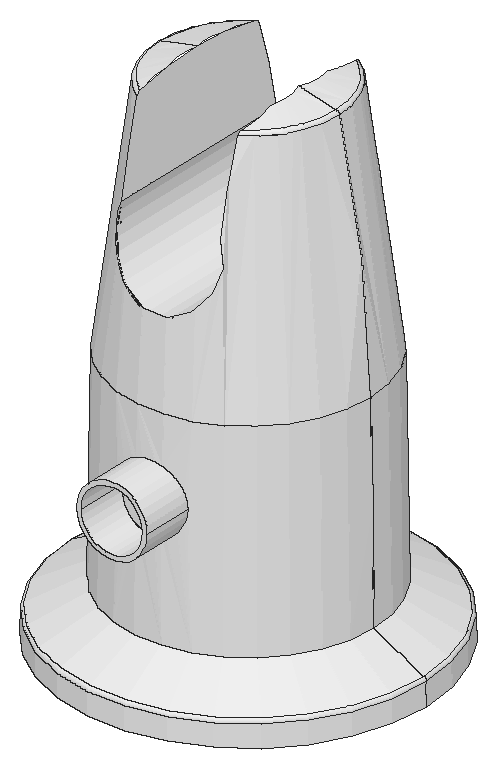
Revit family "Shower_Outlet_Elbow-GROHE-Movario-28484_Series", category Plumbing Fixtures, host Face, Revit 2019
Family settings
  Host = Face
  Round Connector Dimension = Use Diameter
  Part Type = Normal
  OmniClass Number = 23.45.05.14.17
  OmniClass Title = Showers
  Cut with Voids When Loaded = No
  Shared = Yes
  Room Calculation Point = No
Parameters (values of type "28484000")
  Width = 2 9/16"  # constant formula
  Waste Connection = no
  Warranty Documentation Link = "https://cdn.cloud.grohe.com/tpi/1000/1900/1940/1949/1949006/original/1949006.pdf"
  WFU = 4  # constant formula
  Vent Connection = no
  URL = "https://www.grohe.us/"
  Type Comments = ""
  Tempered Water Connection = yes
  Tempered Connection Radius = Tempered Connection Diameter / 2  # 1/4"
  Tempered Connection Diameter = 1/2"
  Revised Date = "04/26/2022"  # constant formula
  Product Page URL = "https://www.grohe.us/Hand-Showers-Accessories/Wall-Union-With-Hand-Shower-Holder/GROHE-CHROME-28484000"
  Product Documentation Link = "https://americanstandard.box.com/shared/static/fzsfil4wmzopt5g2ojqpfr0v57rcu4ho.pdf"
  Price = "Prices may vary. Please consult Manufacturer Representative for most up-to-date price list."  # constant formula
  Model = "28484000"
  Material = "Metal-Grohe-000-Chrome"
  Manufacturer = "Grohe"
  Length = 3 11/16"  # constant formula
  Installation Type = "Wall Mounted"
  Height = 2 9/16"  # constant formula
  HWFU = 3  # constant formula
  HW Connection = no
  Finish = Metal-Grohe-000-Chrome
  Description = "MOVARIO® WALL UNION WITH HAND SHOWER HOLDER"  # constant formula
  Default Elevation = 0"  # constant formula
  Creation Date = "03/09/2017"  # constant formula
  CWFU = 3  # constant formula
  CW Connection = no
  Assembly Code = "D2010710"
Types (3): name | Product Page URL | Model | Material | Finish | Assembly Code
  (no name) | "https://www.grohe.us/Hand-Showers-Accessories/Wall-Union-With-Hand-Shower-Holder/GROHE-CHROME-28484000" | "28484000" | "Metal-Grohe-000-Chrome" | Metal-Grohe-000-Chrome | "D2010710"
  28484EN0 | "https://www.grohe.us/Hand-Showers-Accessories/Wall-Union-With-Hand-Shower-Holder/GROHE-BRUSHED-NICKEL-28484EN0" | "28484EN0" | "Metal-Grohe-EN0-Brushed Nickel" | Metal-Grohe-EN0-Brushed Nickel | "D2090800"
  28484000 | "https://www.grohe.us/Hand-Showers-Accessories/Wall-Union-With-Hand-Shower-Holder/GROHE-CHROME-28484000" | "28484000" | "Metal-Grohe-000-Chrome" | Metal-Grohe-000-Chrome | "D2010710"
Reference planes (in)
  plane 1 "Center (Front/Back)": y = 0
  plane 2: z = 0
  plane 3 "Center (Left/Right)": x = 0
  plane 4: z = 0.78328
  plane 5: z = 3.6875
  plane 6: y = 1.28125
  plane 7: y = -1.28125
  plane 8: z = 1.27609
  plane 9: z = 1.52609
  plane 10: z = 1.02609
  plane 11: z = 2.8125
Forms (in)
  Revolve 1, solid, material "Metal-Grohe-000-Chrome" <- "Finish"
    sketch origin (0, 0, 0) x (1, 0, 0) y (0, 0, 1)
      loop
        line (1.27609, 0) -> (1.27344, 0.15649)
        arc (1.27344, 0.15649) -> (1.26839, 0.17374) -> (1.25523, 0.18599) r 0.03394
        line (1.25523, 0.18599) -> (0.9006, 0.37136)
        arc (0.9006, 0.37136) -> (0.89355, 1.10653) -> (0.87822, 1.84157) r 65.38697
        arc (0.87822, 1.84157) -> (0.80975, 2.71266) -> (0.65126, 3.57194) r 8.40939
        arc (0.65126, 3.57194) -> (0.64299, 3.58723) -> (0.62817, 3.59632) r 0.03356
        arc (0.62817, 3.59632) -> (0.31738, 3.66464) -> (0, 3.68757) r 2.2079
        line (0, 3.68757) -> (0, 0) -> (1.27609, 0)
      axis (0, 0) -> (0, 3.68757)
    angle from 0 to 360
  Extrusion 2, solid, material "Metal-Grohe-000-Chrome" <- "Finish"
    sketch origin (0, 0, 0) x (1, 0, 0) y (0, 0, 1)
      loop
        circle (0, 1.27609) r 0.25
      loop
        circle (0, 1.27609) r 0.21875
    from 0 to 1.21719
  Extrusion 3, void
    sketch origin (0, 0, 0) x (1, 0, 0) y (0, 0, 1)
      loop
        arc (0.35338, 2.96948) -> (0.35669, 3.3899) -> (0.37137, 3.81009) r 15.56059
        line (0.37137, 3.81009) -> (-0.37137, 3.81009)
        arc (-0.37137, 3.81009) -> (-0.35669, 3.3899) -> (-0.35338, 2.96948) r 15.56059
        arc (-0.35338, 2.96948) -> (0, 2.43279) -> (0.35338, 2.96948) r 0.38468
    from -1.30086 to 1.28125
Cuts and joins
  Extrusion 3 cuts Revolve 1
  joined: Revolve 1, Extrusion 2
Lines and regions (in)
  Masking region 1
    outline origin (0, 0, 0) x (1, 0, 0) y (0, 0, 1)
      loop
        line (1.27609, 0) -> (1.27338, 0.15538)
        arc (1.27338, 0.15538) -> (1.26878, 0.17253) -> (1.25668, 0.18551) r 0.03669
        line (1.25668, 0.18551) -> (0.9006, 0.37136)
        arc (0.9006, 0.37136) -> (0.8954, 1.17425) -> (0.87258, 1.97684) r 36.60202
        arc (0.87258, 1.97684) -> (0.80194, 2.77552) -> (0.65376, 3.56352) r 8.21363
        arc (0.65376, 3.56352) -> (0.64359, 3.58806) -> (0.61905, 3.59823) r 0.03471
        arc (0.61905, 3.59823) -> (0.49332, 3.63394) -> (0.36471, 3.65723) r 1.3401
        arc (0.36471, 3.65723) -> (0.35524, 3.31342) -> (0.35338, 2.96948) r 15.56059
        arc (0.35338, 2.96948) -> (0, 2.43279) -> (-0.35338, 2.96948) r 0.38468
        arc (-0.35338, 2.96948) -> (-0.35524, 3.31342) -> (-0.36471, 3.65723) r 15.56059
        arc (-0.36471, 3.65723) -> (-0.49332, 3.63394) -> (-0.61905, 3.59823) r 1.3401
        arc (-0.61905, 3.59823) -> (-0.64359, 3.58806) -> (-0.65376, 3.56352) r 0.03471
        arc (-0.65376, 3.56352) -> (-0.80194, 2.77552) -> (-0.87258, 1.97684) r 8.21363
        arc (-0.87258, 1.97684) -> (-0.8954, 1.17425) -> (-0.9006, 0.37136) r 36.60202
        line (-0.9006, 0.37136) -> (-1.25668, 0.18551)
        arc (-1.25668, 0.18551) -> (-1.26878, 0.17253) -> (-1.27338, 0.15538) r 0.03669
        line (-1.27338, 0.15538) -> (-1.27609, 0) -> (1.27609, 0)
  symbolic lines, style "PlumbingFixtures", detail levels medium+fine
    curve 1: line (0.9006, 0, 0.37136) -> (-0.9006, 0, 0.37136)
  symbolic lines, detail levels medium+fine
    curve 2: arc (0.25, 0, 1.27609) -> (0, 0, 1.52609) -> (-0.25, 0, 1.27609) r 0.25
    curve 3: arc (-0.25, 0, 1.27609) -> (0, 0, 1.02609) -> (0.25, 0, 1.27609) r 0.25
  symbolic lines, detail levels fine
    curve 4: arc (-0.21875, 0, 1.27609) -> (0, 0, 1.49484) -> (0.21875, 0, 1.27609) r 0.21875
    curve 5: arc (0.21875, 0, 1.27609) -> (0, 0, 1.05734) -> (-0.21875, 0, 1.27609) r 0.21875
Dimensions and locks (in)
  plane 5 to level = 3 11/16"
  equal spacing: plane 6, plane 1 "Center (Front/Back)", plane 7
  locked: plane 6 to plane 7 at 2.5625
  aligned and locked: plane 2 to host face
  aligned and locked: level to host face
  aligned and locked: Extrusion 3 to plane 7
Automatic sketch dimensions
  host sketch curve to host sketch curve = 96"  (x2)
  Revolve 1 sketch curve to plane 3 "Center (Left/Right)" = 0"  (x2)
  Revolve 1 sketch curve to plane 8 = 0.34295"
  level to Revolve 1 sketch curve = 0.11128"
  Revolve 1 sketch curve to Revolve 1 sketch curve = 56.95762"
  Revolve 1 sketch curve to plane 5 = 0.12335"
  plane 3 "Center (Left/Right)" to Revolve 1 sketch curve = 0.61863"
  level to Revolve 1 sketch curve = 0.37136"
  plane 3 "Center (Left/Right)" to Revolve 1 sketch curve = 0.9006"
  level to Revolve 1 sketch curve = 0.15592"
  Revolve 1 sketch curve to Revolve 1 sketch curve = 0.33891"
  level to Revolve 1 sketch curve = 0.18599"
  Revolve 1 sketch curve to Revolve 1 sketch curve = 0.01572"
  level to Revolve 1 sketch curve = 0.15649"
  Revolve 1 sketch curve to Revolve 1 sketch curve = 0.00264"
  Revolve 1 sketch curve to plane 8 = 0.20358"
  Revolve 1 sketch curve to Revolve 1 sketch curve = 0"  (x2)
  Revolve 1 sketch curve to Revolve 1 sketch curve = 0.42568"
  plane 5 to Revolve 1 sketch curve = 0.25474"
  Revolve 1 sketch curve to Revolve 1 sketch curve = 0.00955"
  Revolve 1 sketch curve to level = 0"
  Revolve 1 sketch curve to plane 3 "Center (Left/Right)" = 7.52822"
  Extrusion 3 sketch curve to plane 3 "Center (Left/Right)" = 0"
  plane 5 to Extrusion 3 sketch curve = 0.12259"
  Extrusion 3 sketch curve to plane 5 = 0.63051"  (x2)
  Extrusion 3 sketch curve to plane 3 "Center (Left/Right)" = 15.91372"
  plane 3 "Center (Left/Right)" to Extrusion 3 sketch curve = 15.91372"
  Extrusion 3 sketch curve to plane 5 = 0.87003"
  Extrusion 3 sketch curve to plane 3 "Center (Left/Right)" = 0.35338"
  Extrusion 3 sketch curve to plane 3 "Center (Left/Right)" = 0.37137"
  plane 3 "Center (Left/Right)" to Extrusion 3 sketch curve = 0.35338"
  Masking region 1 sketch curve to level = 0"
  Masking region 1 sketch curve to plane 3 "Center (Left/Right)" = 0"
  Masking region 1 sketch curve to plane 3 "Center (Left/Right)" = 0.19046"
  Masking region 1 sketch curve to plane 5 = 0.12398"  (x2)
  Masking region 1 sketch curve to plane 3 "Center (Left/Right)" = 0.61905"
  level to Masking region 1 sketch curve = 0.37136"  (x2)
  Masking region 1 sketch curve to plane 3 "Center (Left/Right)" = 0.9006"
  level to Masking region 1 sketch curve = 0.15474"  (x2)
  Masking region 1 sketch curve to Masking region 1 sketch curve = 0.33609"  (x2)
  level to Masking region 1 sketch curve = 0.18551"  (x2)
  Masking region 1 sketch curve to Masking region 1 sketch curve = 0.01998"  (x2)
  level to Masking region 1 sketch curve = 0.15538"  (x2)
  Masking region 1 sketch curve to Masking region 1 sketch curve = 0.00271"  (x2)
  Masking region 1 sketch curve to plane 8 = 0.3773"  (x2)
  Masking region 1 sketch curve to Masking region 1 sketch curve = 6.0613"  (x2)
  Masking region 1 sketch curve to plane 5 = 0.63051"  (x2)
  Masking region 1 sketch curve to Masking region 1 sketch curve = 8.57904"  (x2)
  plane 4 to Masking region 1 sketch curve = 0.24782"  (x2)
  Masking region 1 sketch curve to Masking region 1 sketch curve = 19.78734"  (x2)
  plane 3 "Center (Left/Right)" to Masking region 1 sketch curve = 0.19046"
  plane 3 "Center (Left/Right)" to Masking region 1 sketch curve = 0.61905"
  plane 3 "Center (Left/Right)" to Masking region 1 sketch curve = 0.9006"
  Masking region 1 sketch curve to Masking region 1 sketch curve = 0.35167"
  Masking region 1 sketch curve to Masking region 1 sketch curve = 0"
  Masking region 1 sketch curve to Masking region 1 sketch curve = 0.48896"
  Masking region 1 sketch curve to plane 3 "Center (Left/Right)" = 0.35338"
  Masking region 1 sketch curve to plane 5 = 0.03027"  (x2)
  Masking region 1 sketch curve to Masking region 1 sketch curve = 0.25433"
  plane 3 "Center (Left/Right)" to Masking region 1 sketch curve = 0.35338"
  level to curve 1 = 0.37136"
  curve 1 to plane 3 "Center (Left/Right)" = 0.9006"
  plane 3 "Center (Left/Right)" to curve 1 = 0.9006"
  Extrusion 2 sketch curve to Extrusion 2 sketch curve = 0"  (x2)
  Extrusion 2 sketch curve to plane 8 = 0"
  Extrusion 2 sketch curve to plane 3 "Center (Left/Right)" = 0"
  Extrusion 2 sketch curve to Extrusion 2 sketch curve = 7/32"
  curve 2 to plane 8 = 0"
  curve 3 to plane 3 "Center (Left/Right)" = 0"
  curve 2 to curve 2 = 1/4"
  curve 2 to curve 4 = 0"  (x2)
  curve 2 to curve 5 = 1/32"
  radius of Extrusion 2 sketch curve = 1/4"
Connectors (in)
  piping at (0, 0, 0), diameter 0.5, driven by "Tempered Connection Diameter"
    settings: on cut or joined group of Revolve 1, Extrusion 2, Extrusion 3, index 1, connector inside diameter 24", connector length 0", flow factor 0, pipe flow 0 GPM, pressure drop 0.00 psi, fitting loss kfactor 0, connector angle 0.00°, fixture units 0, engagement length 0", angle of deflection 0.00°, flow configuration 0, flow direction 1, fitting loss method 0, system type 29, joint type 0, gender type 0, connector reference index -1, connector utility 0, adjustable connector no, is connector primary yes, connector description "1/2\" NPT Supply Inlet"
  piping at (0, -1.21719, 1.27609), diameter 0.5, driven by "Tempered Connection Diameter"
    settings: on cut or joined group of Revolve 1, Extrusion 2, Extrusion 3, index 2, connector inside diameter 24", connector length 0", flow factor 0, pipe flow 0 GPM, pressure drop 0.00 psi, fitting loss kfactor 0, connector angle 0.00°, fixture units 0, engagement length 0", angle of deflection 0.00°, flow configuration 0, flow direction 2, fitting loss method 0, system type 29, joint type 0, gender type 0, connector reference index -1, connector utility 0, adjustable connector no, is connector primary no, connector description "1/2\" NPT Supply Outlet"
